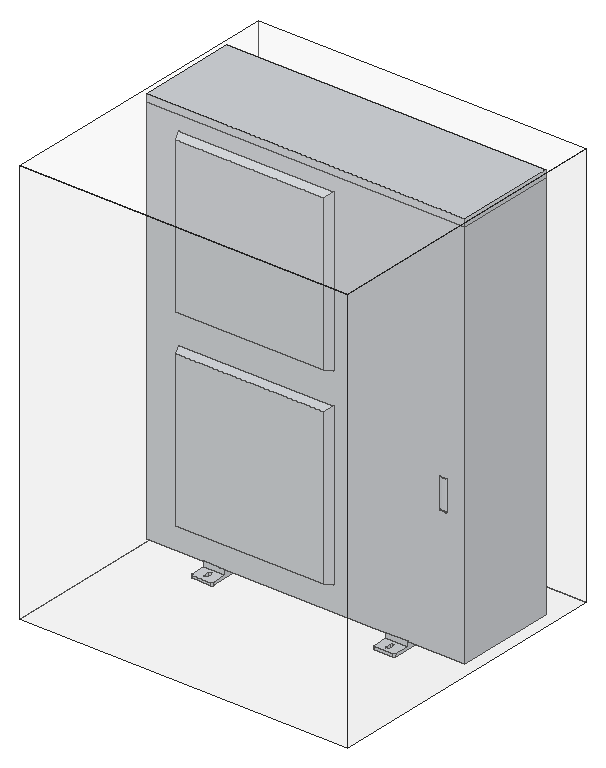
Revit family "puz-hrmp80_160ka9_50hz", category 機械設備, Revit 2019 (continued)
Definition of nested family "PUZ-HDRMP-3"
  Dimensions and locks
    aligned and locked: curve 17 to plane 49
    aligned and locked: curve 1 to plane 49
    aligned and locked: plane 49 to curve 19
    aligned and locked: curve 18 to plane 50
    aligned and locked: plane 50 to curve 2
    aligned and locked: plane 50 to curve 20
    aligned and locked: plane 57 to Extrusion 5 sketch curve
    aligned and locked: plane 53 to Extrusion 5 sketch curve
    aligned and locked: plane 58 to Extrusion 6 sketch curve
    aligned and locked: plane 56 to Extrusion 6 sketch curve
    aligned and locked: plane 61 to Extrusion 7 sketch curve
    aligned and locked: plane 54 to Extrusion 7 sketch curve
    aligned and locked: plane 55 to Extrusion 7
    aligned and locked: Extrusion 7 to plane 62
    aligned and locked: plane 64 to Extrusion 6
    aligned and locked: plane 63 to Extrusion 5
    aligned and locked: Extrusion 6 to plane 60
    aligned and locked: Extrusion 5 to plane 59
    aligned and locked: plane 66 to Extrusion 8 sketch curve
    aligned and locked: plane 65 to Extrusion 8 sketch curve
    aligned and locked: Extrusion 8 to plane 60
    aligned and locked: plane 64 to Extrusion 8
    aligned and locked: Blend 9 sketch curve to plane 71
    aligned and locked: Blend 9 sketch curve to plane 72
    aligned and locked: Blend 9 sketch curve to plane 42
    aligned and locked: Blend 9 sketch curve to plane 41
    aligned and locked: plane 45 to Blend 9 sketch curve
    aligned and locked: Blend 9 sketch curve to plane 46
    aligned and locked: Blend 9 sketch curve to plane 73
    aligned and locked: plane 74 to Blend 9 sketch curve
    aligned and locked: Blend 9 to plane 8
    aligned and locked: plane 38 to Blend 9
    aligned and locked: plane 22 to Extrusion 10 sketch curve
    aligned and locked: plane 21 to Extrusion 10 sketch curve
    aligned and locked: Extrusion 10 sketch curve to Extrusion 1  (x4)
    aligned and locked: Extrusion 10 sketch curve to plane 23
    aligned and locked: Extrusion 10 sketch curve to plane 20
    aligned and locked: plane 24 to Extrusion 10
    aligned and locked: Extrusion 10 to level
    aligned and locked: plane 25 to Extrusion 11
    aligned and locked: Extrusion 11 to plane 26
    aligned and locked: Masking region 1 sketch curve to Extrusion 3  (x4)
    aligned and locked: Masking region 1 sketch curve to cut or joined group of Extrusion 1, Extrusion 10  (x8)
    aligned and locked: Masking region 1 sketch curve to Blend 9  (x3)
    aligned and locked: plane 51 to Extrusion 11 sketch curve
    aligned and locked: plane 52 to Extrusion 11 sketch curve
    aligned and locked: plane 76 to Extrusion 11 sketch curve
    aligned and locked: plane 77 to Extrusion 11 sketch curve
    aligned and locked: plane 78 to Extrusion 11 sketch curve
    aligned and locked: plane 79 to Extrusion 11 sketch curve
    aligned and locked: plane 75 to Extrusion 11 sketch curve  (x4)
  Automatic sketch dimensions
    plane 7 to Extrusion 1 sketch curve = 0 mm  (x2)
    Extrusion 1 sketch curve to plane 18 = 0 mm
    plane 8 to Extrusion 1 sketch curve = 0 mm  (x2)
    Extrusion 1 sketch curve to plane 19 = 0 mm
    Extrusion 1 sketch curve to plane 20 = 0 mm
    Extrusion 1 sketch curve to plane 21 = 0 mm
    curve 187 to curve 188 = 40 mm
    curve 186 to curve 190 = 13.333 mm
    curve 190 to curve 190 = 40 mm
    curve 186 to curve 193 = 0 mm
    curve 186 to curve 188 = 40 mm
    curve 188 to curve 191 = 0 mm
    curve 179 to curve 180 = 40 mm
    curve 178 to curve 182 = 120 mm
    curve 182 to curve 182 = 40 mm
    curve 178 to curve 185 = 0 mm
    curve 178 to curve 180 = 40 mm
    curve 182 to curve 183 = 40 mm
    curve 25 to plane 45 = 0 mm
    curve 24 to plane 45 = 0 mm
    curve 22 to plane 45 = 0 mm
    curve 23 to plane 45 = 0 mm
    curve 26 to plane 45 = 0 mm
    curve 21 to plane 45 = 0 mm
    curve 24 to plane 46 = 0 mm
    curve 25 to plane 46 = 0 mm
    curve 26 to plane 46 = 0 mm
    curve 23 to plane 46 = 0 mm
    curve 22 to plane 46 = 0 mm
    curve 21 to plane 46 = 0 mm
    curve 37 to plane 48 = 0 mm
    curve 52 to plane 48 = 0 mm
    curve 51 to plane 48 = 0 mm
    curve 50 to plane 48 = 0 mm
    curve 49 to plane 48 = 0 mm
    curve 48 to plane 48 = 0 mm
    curve 47 to plane 48 = 0 mm
    curve 46 to plane 48 = 0 mm
    curve 45 to plane 48 = 0 mm
    curve 44 to plane 48 = 0 mm
    curve 43 to plane 48 = 0 mm
    curve 42 to plane 48 = 0 mm
    curve 41 to plane 48 = 0 mm
    curve 27 to plane 48 = 0 mm
    curve 28 to plane 48 = 0 mm
    curve 40 to plane 48 = 0 mm
    curve 39 to plane 48 = 0 mm
    curve 29 to plane 48 = 0 mm
    curve 38 to plane 48 = 0 mm
    curve 30 to plane 48 = 0 mm
    curve 53 to plane 48 = 0 mm
    curve 31 to plane 48 = 0 mm
    curve 36 to plane 48 = 0 mm
    curve 32 to plane 48 = 0 mm
    curve 35 to plane 48 = 0 mm
    curve 33 to plane 48 = 0 mm
    curve 34 to plane 48 = 0 mm
    curve 28 to plane 47 = 0 mm
    curve 41 to plane 47 = 0 mm
    curve 27 to plane 47 = 0 mm
    curve 42 to plane 47 = 0 mm
    curve 31 to plane 47 = 0 mm
    curve 40 to plane 47 = 0 mm
    curve 37 to plane 47 = 0 mm
    curve 39 to plane 47 = 0 mm
    curve 32 to plane 47 = 0 mm
    curve 45 to plane 47 = 0 mm
    curve 36 to plane 47 = 0 mm
    curve 46 to plane 47 = 0 mm
    curve 43 to plane 47 = 0 mm
    curve 47 to plane 47 = 0 mm
    curve 29 to plane 47 = 0 mm
    curve 48 to plane 47 = 0 mm
    curve 30 to plane 47 = 0 mm
    curve 49 to plane 47 = 0 mm
    curve 44 to plane 47 = 0 mm
    curve 50 to plane 47 = 0 mm
    curve 33 to plane 47 = 0 mm
    curve 51 to plane 47 = 0 mm
    curve 35 to plane 47 = 0 mm
    curve 52 to plane 47 = 0 mm
    curve 38 to plane 47 = 0 mm
    curve 53 to plane 47 = 0 mm
    curve 34 to plane 47 = 0 mm
    plane 13 to curve 304 = 138 mm
    curve 304 to plane 46 = 0 mm
    curve 307 to plane 45 = 0 mm
    curve 306 to plane 45 = 0 mm
    curve 303 to plane 45 = 0 mm
    curve 308 to plane 45 = 0 mm
    curve 303 to plane 46 = 0 mm
    curve 306 to plane 46 = 0 mm
    curve 307 to plane 46 = 0 mm
    curve 308 to plane 46 = 0 mm
    curve 309 to plane 45 = 0 mm
    curve 309 to plane 46 = 0 mm
    curve 305 to plane 74 = 0 mm
    curve 305 to plane 73 = 0 mm
    curve 310 to plane 74 = 0 mm
    curve 310 to plane 73 = 0 mm
    curve 311 to plane 73 = 0 mm
    curve 311 to plane 74 = 0 mm
    curve 312 to plane 74 = 0 mm
    curve 312 to plane 73 = 0 mm
    curve 313 to plane 74 = 0 mm
    curve 313 to plane 73 = 0 mm
    curve 314 to plane 73 = 0 mm
    curve 314 to plane 74 = 0 mm
    curve 315 to plane 74 = 0 mm
    curve 315 to plane 73 = 0 mm
    curve 316 to plane 73 = 0 mm
    curve 316 to plane 74 = 0 mm
    curve 317 to plane 74 = 0 mm
    curve 317 to plane 73 = 0 mm
    curve 318 to plane 74 = 0 mm
    curve 318 to plane 73 = 0 mm
    curve 319 to plane 74 = 0 mm
    curve 319 to plane 73 = 0 mm
    curve 320 to plane 74 = 0 mm
    curve 320 to plane 73 = 0 mm
    curve 321 to plane 74 = 0 mm
    curve 321 to plane 73 = 0 mm
    curve 322 to plane 73 = 0 mm
    curve 322 to plane 74 = 0 mm
    curve 323 to plane 73 = 0 mm
    curve 323 to plane 74 = 0 mm
    curve 324 to plane 73 = 0 mm
    curve 324 to plane 74 = 0 mm
    curve 325 to plane 74 = 0 mm
    curve 325 to plane 73 = 0 mm
    curve 326 to plane 74 = 0 mm
    curve 326 to plane 73 = 0 mm
    curve 327 to plane 74 = 0 mm
    curve 327 to plane 73 = 0 mm
    curve 328 to plane 74 = 0 mm
    curve 328 to plane 73 = 0 mm
    curve 329 to plane 74 = 0 mm
    curve 329 to plane 73 = 0 mm
    curve 330 to plane 74 = 0 mm
    curve 330 to plane 73 = 0 mm
    curve 331 to plane 74 = 0 mm
    curve 331 to plane 73 = 0 mm
    curve 332 to plane 73 = 0 mm
    curve 332 to plane 74 = 0 mm
    curve 333 to plane 74 = 0 mm
    curve 333 to plane 73 = 0 mm
    curve 334 to plane 73 = 0 mm
    curve 334 to plane 74 = 0 mm
    curve 335 to plane 74 = 0 mm
    curve 335 to plane 73 = 0 mm
    Extrusion 10 sketch curve to plane 18 = 0 mm  (x2)
    plane 8 to Extrusion 10 sketch curve = 0 mm
    plane 23 to Extrusion 10 sketch curve = 0 mm
    plane 22 to Extrusion 10 sketch curve = 0 mm  (x3)
    plane 16 to Extrusion 10 sketch curve = 0 mm  (x3)
    plane 17 to Extrusion 10 sketch curve = 0 mm  (x3)
    Extrusion 10 sketch curve to plane 15 = 0 mm  (x2)
    Extrusion 10 sketch curve to plane 19 = 0 mm  (x2)
    Extrusion 10 sketch curve to plane 14 = 0 mm  (x2)
    plane 7 to Extrusion 10 sketch curve = 0 mm
    Extrusion 10 sketch curve to plane 18 = 5 mm
    plane 15 to Extrusion 10 sketch curve = 6 mm  (x2)
    plane 19 to Extrusion 10 sketch curve = 5 mm
    Extrusion 10 sketch curve to plane 20 = 5 mm
    plane 14 to Extrusion 10 sketch curve = 6 mm  (x2)
    plane 21 to Extrusion 10 sketch curve = 5 mm
    plane 38 to Extrusion 10 sketch curve = 10 mm  (x2)
    plane 19 to Masking region 1 sketch curve = 0 mm
    plane 21 to Masking region 1 sketch curve = 0 mm
    plane 7 to Masking region 1 sketch curve = 0 mm  (x2)
    Masking region 1 sketch curve to plane 20 = 0 mm
    Masking region 1 sketch curve to plane 18 = 0 mm
    plane 8 to Masking region 1 sketch curve = 0 mm  (x2)
    plane 38 to Masking region 1 sketch curve = 0 mm
    curve 352 to plane 6 = 0 mm
    plane 7 to curve 352 = 0 mm
    curve 353 to plane 18 = 0 mm
    curve 348 to plane 18 = 0 mm
    plane 8 to curve 346 = 0 mm
    curve 354 to plane 19 = 0 mm
    curve 347 to plane 19 = 0 mm
    curve 345 to plane 41 = 0 mm
    plane 38 to curve 344 = 0 mm
    curve 344 to plane 46 = 0 mm
    curve 357 to plane 20 = 0 mm
    curve 343 to plane 20 = 0 mm
    curve 358 to plane 21 = 0 mm
    curve 341 to plane 21 = 0 mm
    curve 339 to plane 45 = 0 mm
    curve 339 to plane 42 = 0 mm
    curve 337 to plane 5 = 0 mm
    plane 22 to curve 354 = 0 mm
    plane 22 to curve 358 = 0 mm
    plane 23 to curve 342 = 0 mm
    plane 23 to curve 347 = 0 mm
    curve 11 to plane 65 = 6 mm
    plane 18 to curve 352 = 28.157 mm
    plane 15 to curve 346 = 0.043 mm
    plane 21 to curve 338 = 11.963 mm
    curve 336 to plane 21 = 9.073 mm
    curve 344 to plane 21 = 22.105 mm
    plane 28 to curve 3 = 5 mm
    curve 3 to plane 45 = 38 mm
    curve 1 to plane 45 = 38 mm
    curve 3 to curve 5 = 0 mm
    curve 4 to plane 29 = 5 mm
    curve 372 to plane 65 = 6 mm
    plane 65 to curve 376 = 9 mm
    curve 12 to plane 65 = 6 mm
    curve 20 to plane 53 = 4 mm
    curve 2 to curve 16 = 15 mm
    plane 51 to curve 15 = 5 mm
Definition of nested family "固定点"
  Parameters (values of type "固定点")
    中心円 = if(W > 599 mm, 12 mm, 10 mm)  # 12 mm
    W = 1000 mm
    D = 1000 mm
  Reference planes
    plane 1 "中心(正面/背面)": y = 0
    plane 2: z = 0
    plane 3 "中心(左/右)": x = 0
    plane 4: x = 1000
    plane 5: y = 1000
  Lines and regions (mm)
    symbolic lines, detail levels fine
      curve 1: circle (0, 1000, 0) r 6 normal (0, 0, 1)
      curve 2: circle (0, 0, 0) r 6 normal (0, 0, 1)
      curve 3: circle (1000, 1000, 0) r 6 normal (0, 0, 1)
      curve 4: circle (1000, 0, 0) r 6 normal (0, 0, 1)
      curve 5: line (-200, 1000, 0) -> (1200, 1000, 0)
      curve 6: line (-200, 0, 0) -> (1200, 0, 0)
      curve 7: line (0, 1200, 0) -> (0, -200, 0)
      curve 8: line (1000, 1200, 0) -> (1000, -200, 0)
  Dimensions and locks
    "W": plane 3 "中心(左/右)" to plane 4
    "D": plane 1 "中心(正面/背面)" to plane 5
    "中心円": diameter of curve 1
    "中心円": diameter of curve 2
    "中心円": diameter of curve 3
    "中心円": diameter of curve 4
    aligned and locked: level to plane 2
    aligned and locked: plane 5 to curve 1
    aligned and locked: plane 3 "中心(左/右)" to curve 1
    aligned and locked: plane 3 "中心(左/右)" to curve 2
    aligned and locked: plane 1 "中心(正面/背面)" to curve 2
    aligned and locked: plane 4 to curve 3
    aligned and locked: plane 5 to curve 3
    aligned and locked: plane 1 "中心(正面/背面)" to curve 4
    aligned and locked: plane 4 to curve 4
    aligned and locked: plane 1 "中心(正面/背面)" to curve 6
    aligned and locked: curve 7 to plane 3 "中心(左/右)"
    aligned and locked: curve 8 to plane 4
  Automatic sketch dimensions
    curve 5 to plane 5 = 0 mm
    curve 6 to plane 3 "中心(左/右)" = 200 mm
    curve 5 to plane 3 "中心(左/右)" = 200 mm
    curve 4 to curve 6 = 200 mm
    curve 3 to curve 5 = 200 mm
    plane 1 "中心(正面/背面)" to curve 8 = 200 mm
    plane 1 "中心(正面/背面)" to curve 7 = 200 mm
    curve 3 to curve 8 = 200 mm
    curve 1 to curve 7 = 200 mm
Types (16, lengths in mm): name | 音響パワーレベル_暖房 (dB) | 音響パワーレベル_冷房 (dB) | 音響パワーレベル(dB) | 電動機出力_圧縮機 | 質量 | 製品質量 | 消費電力_暖房 | 消費電力_冷房 | 消費電力 | 構成品番 | 暖房能力 | 推奨ブレーカー容量 | 冷房能力 | 冷媒管（ガス）位置Y | 冷媒管位置Y | URL
  室外機_PUZ-HRMP80KA9 | 68 | 66 | 68 | 1.5 kW | 135.60 kg | 113.00 kg | 1.92 kW | 1.77 kW | 1.92 kW | "PUZ-HRMP80KA9" | 8 kW | 30 A | 7.1 kW | 234 | 262 | "https://www.mitsubishielectric.co.jp/ldg/wink/ssl/top.do"
  室外機_PUZ-HRMP112KA9 | 69 | 66 | 69 | 2.1 kW | 135.60 kg | 113.00 kg | 2.69 kW | 2.5 kW | 2.69 kW | "PUZ-HRMP112KA9" | 11.2 kW | 30 A | 10 kW | 274 | 282 | "https://www.mitsubishielectric.co.jp/ldg/wink/ssl/top.do\""
  室外機_PUZ-HRMP140KA9 | 69 | 68 | 69 | 2.7 kW | 135.60 kg | 113.00 kg | 3.82 kW | 3.69 kW | 3.82 kW | "PUZ-HRMP140KA9" | 14 kW | 40 A | 12.5 kW | 234 | 262 | "https://www.mitsubishielectric.co.jp/ldg/wink/ssl/top.do"
  室外機_PUZ-HRMP160KA9 | 71 | 69 | 71 | 3.1 kW | 135.60 kg | 113.00 kg | 4.49 kW | 4.7 kW | 4.7 kW | "PUZ-HRMP160KA9" | 16 kW | 40 A | 14 kW | 234 | 262 | "https://www.mitsubishielectric.co.jp/ldg/wink/ssl/top.do"
  室外機_PUZ-HRMP112KA9-BS | 69 | 66 | 69 | 2.1 kW | 135.60 kg | 113.00 kg | 2.69 kW | 2.5 kW | 2.69 kW | "PUZ-HRMP112KA9-BS" | 11.2 kW | 30 A | 10 kW | 274 | 282 | "https://www.mitsubishielectric.co.jp/ldg/wink/ssl/top.do\""
  室外機_PUZ-HRMP112KA9-BH | 69 | 66 | 69 | 2.1 kW | 136.80 kg | 114.00 kg | 2.69 kW | 2.5 kW | 2.69 kW | "PUZ-HRMP112KA9-BH" | 11.2 kW | 30 A | 10 kW | 274 | 282 | "https://www.mitsubishielectric.co.jp/ldg/wink/ssl/top.do\""
  室外機_PUZ-HRMP140KA9-BS | 69 | 68 | 69 | 2.7 kW | 135.60 kg | 113.00 kg | 3.82 kW | 3.69 kW | 3.82 kW | "PUZ-HRMP140KA9-BS" | 14 kW | 40 A | 12.5 kW | 234 | 262 | "https://www.mitsubishielectric.co.jp/ldg/wink/ssl/top.do"
  室外機_PUZ-HRMP140KA9-BSG | 69 | 68 | 69 | 2.7 kW | 135.60 kg | 113.00 kg | 3.82 kW | 3.69 kW | 3.82 kW | "PUZ-HRMP140KA9-BSG" | 14 kW | 40 A | 12.5 kW | 234 | 262 | "https://www.mitsubishielectric.co.jp/ldg/wink/ssl/top.do"
  室外機_PUZ-HRMP140KA9-BH | 69 | 68 | 69 | 2.7 kW | 136.80 kg | 114.00 kg | 3.82 kW | 3.69 kW | 3.82 kW | "PUZ-HRMP140KA9-BH" | 14 kW | 40 A | 12.5 kW | 234 | 262 | "https://www.mitsubishielectric.co.jp/ldg/wink/ssl/top.do"
  室外機_PUZ-HRMP160KA9-BS | 71 | 69 | 71 | 3.1 kW | 135.60 kg | 113.00 kg | 4.49 kW | 4.7 kW | 4.7 kW | "PUZ-HRMP160KA9-BS" | 16 kW | 40 A | 14 kW | 234 | 262 | "https://www.mitsubishielectric.co.jp/ldg/wink/ssl/top.do"
  室外機_PUZ-HRMP160KA9-BSG | 71 | 69 | 71 | 3.1 kW | 135.60 kg | 113.00 kg | 4.49 kW | 4.7 kW | 4.7 kW | "PUZ-HRMP160KA9-BSG" | 16 kW | 40 A | 14 kW | 234 | 262 | "https://www.mitsubishielectric.co.jp/ldg/wink/ssl/top.do"
  室外機_PUZ-HRMP160KA9-BH | 71 | 69 | 71 | 3.1 kW | 136.80 kg | 114.00 kg | 4.49 kW | 4.7 kW | 4.7 kW | "PUZ-HRMP160KA9-BH" | 16 kW | 40 A | 14 kW | 234 | 262 | "https://www.mitsubishielectric.co.jp/ldg/wink/ssl/top.do"
  室外機_PUZ-HRMP80KA9-BS | 68 | 66 | 68 | 1.5 kW | 135.60 kg | 113.00 kg | 1.92 kW | 1.77 kW | 1.92 kW | "PUZ-HRMP80KA9-BS" | 8 kW | 30 A | 7.1 kW | 234 | 262 | "https://www.mitsubishielectric.co.jp/ldg/wink/ssl/top.do"
  室外機_PUZ-HRMP80KA9-BSG | 68 | 66 | 68 | 1.5 kW | 135.60 kg | 113.00 kg | 1.92 kW | 1.77 kW | 1.92 kW | "PUZ-HRMP80KA9-BSG" | 8 kW | 30 A | 7.1 kW | 234 | 262 | "https://www.mitsubishielectric.co.jp/ldg/wink/ssl/top.do"
  室外機_PUZ-HRMP80KA9-BH | 68 | 66 | 68 | 1.5 kW | 136.80 kg | 114.00 kg | 1.92 kW | 1.77 kW | 1.92 kW | "PUZ-HRMP80KA9-BH" | 8 kW | 30 A | 7.1 kW | 234 | 262 | "https://www.mitsubishielectric.co.jp/ldg/wink/ssl/top.do"
  室外機_PUZ-HRMP112KA9-BSG | 69 | 66 | 69 | 2.1 kW | 135.60 kg | 113.00 kg | 2.69 kW | 2.5 kW | 2.69 kW | "PUZ-HRMP112KA9-BSG" | 11.2 kW | 30 A | 10 kW | 274 | 282 | "https://www.mitsubishielectric.co.jp/ldg/wink/ssl/top.do\""
